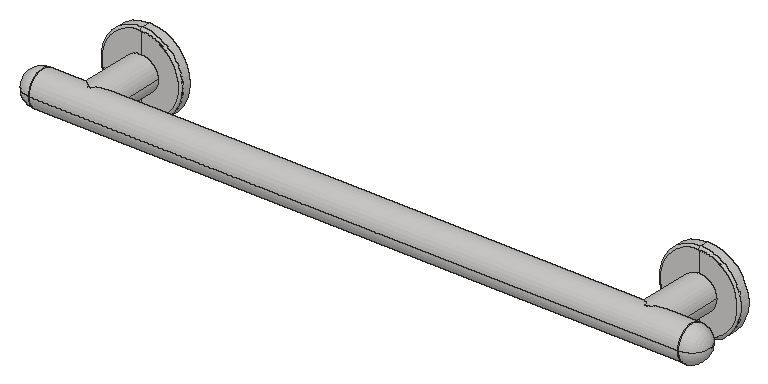
Revit family "rba-bim-rba4600-02 Straight Rail 516 Series", category Plumbing Fixtures, Revit 2016
Family settings
  Part Type = Normal
  Round Connector Dimension = Use Diameter
  Work Plane-Based = No
  Always vertical = Yes
  Cut with Voids When Loaded = No
  Shared = Yes
  Room Calculation Point = No
Parameters (values of type "RBA4600-029")
  Watermarked By = "www.rba.com.au"
  Waste Connection = yes
  Vent Connection = yes
  URL = "http://www.rba.com.au/accessible-disabled/grab-rails"
  Phone Number = "1300 788 778"
  OFFSET = 1000 mm
  Modified Issue = "20180726.01"
  Model = "RBA4600-029"
  Materials and Finishes = Stainless Steel / Bright Finish
  Manufacturer Model = ""
  Manufacturer = "RBA Group"
  HW Connection = yes
  Distance Away from Wall [instance] = 100 mm
  Distance Away from Toilet [instance] = 1090 mm
  Description = "Raffaello Straight Grab Rail 516mm"
  Copyright by = "RBA Group"  # constant formula
  CW Connection = yes
Types (3, lengths in mm): name | Model | Materials and Finishes
  RBA4600-021 | "RBA4600-021" | Stainless Steel / White Antibacterial Finish
  RBA4600-028 | "RBA4600-028" | Stainless Steel / Matte Black Antibacterial Finish
  RBA4600-029 | "RBA4600-029" | Stainless Steel / Bright Finish
Reference planes
  plane 1 "Center (Front/Back)": y = 0
  plane 2: z = 0
  plane 3 "Center (Left/Right)": x = 0
  plane 4: x = -258
  plane 5: x = 258
  plane 6: x = -300
  plane 7: x = 300
  plane 8: x = 316
  plane 9: x = -316
  plane 10: y = -10
  plane 11: y = -55
Forms (mm)
  Extrusion 1, solid, material "Stainless Steel / Bright Finish" <- "Materials and Finishes"
    sketch origin (0, 0, 0) x (1, 0, 0) y (0, 0, 1)
      loop
        circle (-258, 0) r 16
    from 10 to 71
  Extrusion 2, solid, material "Stainless Steel / Bright Finish" <- "Materials and Finishes"
    sketch origin (0, 0, 0) x (-1, 0, 0) y (0, 0, -1)
      loop
        circle (-258, 0) r 16
    from 10 to 71
  Revolve 3, solid, material "Stainless Steel / Bright Finish" <- "Materials and Finishes"
    sketch origin (-40, 0, 0) x (-1, 0, 0) y (0, -1, 0)
      loop
        arc (-356, 71) -> (-351.314, 59.686) -> (-340, 55) r 16
        line (-340, 55) -> (-340, 71) -> (-356, 71)
      axis (-356, 71) -> (-340, 71)
    angle from 0 to 360
  Extrusion 4, solid, material "Stainless Steel / Bright Finish" <- "Materials and Finishes"
    sketch origin (0, 0, -1000) x (0, 1, 0) y (0, 0, 1)
      loop
        circle (-71, 1000) r 16
    from -300 to 300
  Revolve 5, solid, material "Stainless Steel / Bright Finish" <- "Materials and Finishes"
    sketch origin (0, 0, 0) x (1, 0, 0) y (0, 1, 0)
      loop
        line (-316, -71) -> (-300, -71) -> (-300, -55)
        arc (-300, -55) -> (-311.314, -59.686) -> (-316, -71) r 16
      axis (-316, -71) -> (-300, -71)
    angle from 0 to 360
  Revolve 6, solid, material "Stainless Steel / Bright Finish" <- "Materials and Finishes"
    sketch origin (258, 0, -450) x (0, 1, 0) y (0, 0, 1)
      loop
        line (0, 487.5) -> (-8, 487.5)
        arc (-8, 487.5) -> (-9.414, 486.914) -> (-10, 485.5) r 2
        line (-10, 485.5) -> (-10, 450) -> (0, 450) -> (0, 487.5)
      axis (0, 450) -> (-10, 450)
    angle from 0 to 360
  Revolve 7, solid, material "Stainless Steel / Bright Finish" <- "Materials and Finishes"
    sketch origin (-258, 0, -450) x (0, 1, 0) y (0, 0, 1)
      loop
        line (0, 487.5) -> (-8, 487.5)
        arc (-8, 487.5) -> (-9.414, 486.914) -> (-10, 485.5) r 2
        line (-10, 485.5) -> (-10, 450) -> (0, 450) -> (0, 487.5)
      axis (0, 450) -> (-10, 450)
    angle from 0 to 360
Dimensions and locks
  plane 4 to plane 5 = 516 mm
  plane 6 to plane 7 = 600 mm
  plane 1 "Center (Front/Back)" to plane 10 = 10 mm
  plane 5 to plane 7 = 42 mm
  plane 6 to plane 4 = 42 mm
  plane 9 to plane 8 = 632 mm
  plane 9 to plane 4 = 58 mm
  plane 5 to plane 8 = 58 mm
  plane 11 to plane 1 "Center (Front/Back)" = 55 mm
  radius of Revolve 3 sketch curve = 16 mm
  radius of Revolve 5 sketch curve = 16 mm
  aligned and locked: plane 2 to level
  aligned and locked: Extrusion 4 to Revolve 3
  aligned and locked: level to Extrusion 4
  aligned and locked: level to Revolve 3
  aligned and locked: level to Extrusion 1
  aligned and locked: level to Extrusion 2
  aligned and locked: Extrusion 4 to plane 6  (x2)
  aligned and locked: plane 6 to Revolve 5
  aligned and locked: plane 5 to Revolve 6  (x2)
  aligned and locked: plane 10 to Extrusion 2
  aligned and locked: plane 1 "Center (Front/Back)" to Revolve 7
  aligned and locked: plane 4 to Revolve 7  (x2)
  aligned and locked: plane 10 to Extrusion 1
  aligned and locked: Extrusion 2 to plane 10
  aligned and locked: Extrusion 1 to plane 10
  aligned and locked: Revolve 3 to plane 7  (x2)
